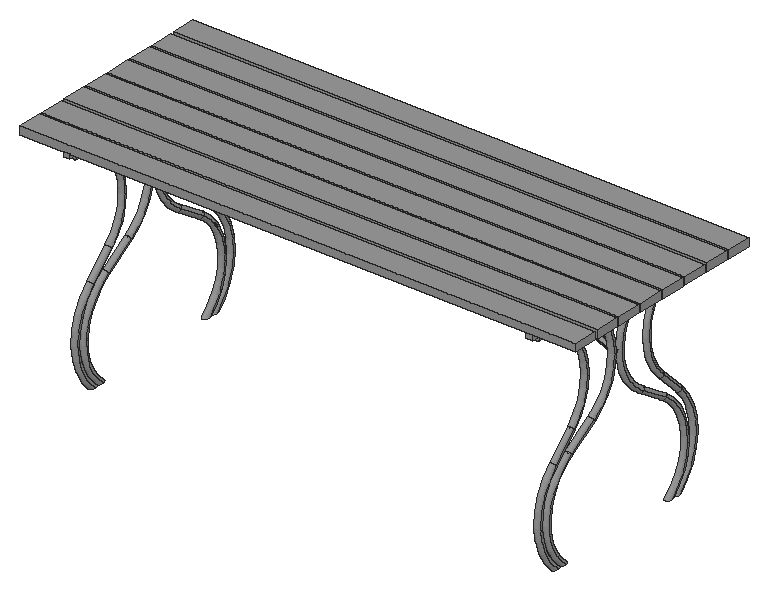
Revit family "10544 Стол садовый «Флоренция» Хоббика", category Антураж, Revit 2018
Family settings
  На основе рабочей плоскости = Нет
  Всегда вертикально = Да
  При загрузке вырезать с полостями = Нет
  Источник визуального образа = Геометрия семейства
  Общий = Нет
  Точка расчета площади = Нет
Parameters (values of type "Версия 1,8 м")
  Ширина = 700 mm  # constant formula
  Цвет столещници = Дерево
  Цвет опоры = Сталь
  Описание = if([Версия 1,5 м], "Стол садовый «Флоренция». Версия 1,5 м", "Стол садовый «Флоренция». Версия 1,8 м")  # "Стол садовый «Флоренция». Версия 1,8 м"
  Материал изделия = "Сталь, дерево"  # constant formula
  Изображение типоразмера = Стол садовый «Флоренция» Арт 10544.jpg
  Изготовитель = "ООО «Хоббика»"  # constant formula
  Длина = if([Версия 1,5 м], 1500 mm, 1800 mm)  # 1800 mm
  Группа модели = "Садовые столы"  # constant formula
  Высота = 750 mm  # constant formula
  Версия 1,8 м = not([Версия 1,5 м])  # yes
  Версия 1,5 м = no
  Артикул товара = "Арт. 10544"  # constant formula
  URL = "https://hobbyka.ru/product/stol_sadovyy_florentsiya"
Types (3, lengths in mm): name | Описание | Длина | Версия 1,8 м | Версия 1,5 м
  (no name) | "Стол садовый «Флоренция». Версия 1,8 м" | 1800 | yes | no
  Версия 1,5 м | "Стол садовый «Флоренция». Версия 1,5 м" | 1500 | no | yes
  Версия 1,8 м | "Стол садовый «Флоренция». Версия 1,8 м" | 1800 | yes | no
Reference planes
  plane 1 "По центру (Вперед/Назад)": y = 0
  plane 2: z = 0
  plane 3 "По центру (Влево/Вправо)": x = 0
  plane 4: y = 700
  plane 5: x = 1800
  plane 6: x = 1650
  plane 7: x = 150
  plane 8: z = 750
Forms (mm)
  Extrusion 1, solid, material "Дерево" <- "Цвет столещници"
    sketch origin (0, 0, 0) x (0, 1, 0) y (0, 0, 1)
      loop
        line (620, 725) -> (700, 725) -> (700, 750) -> (620, 750) -> (620, 725)
      loop
        line (531.429, 725) -> (611.429, 725) -> (611.429, 750) -> (531.429, 750) -> (531.429, 725)
      loop
        line (442.857, 725) -> (522.857, 725) -> (522.857, 750) -> (442.857, 750) -> (442.857, 725)
      loop
        line (354.286, 725) -> (434.286, 725) -> (434.286, 750) -> (354.286, 750) -> (354.286, 725)
      loop
        line (265.714, 725) -> (345.714, 725) -> (345.714, 750) -> (265.714, 750) -> (265.714, 725)
      loop
        line (177.143, 725) -> (257.143, 725) -> (257.143, 750) -> (177.143, 750) -> (177.143, 725)
      loop
        line (88.571, 725) -> (168.571, 725) -> (168.571, 750) -> (88.571, 750) -> (88.571, 725)
      loop
        line (0, 725) -> (80, 725) -> (80, 750) -> (0, 750) -> (0, 725)
    from 0 to 1800
Dimensions and locks
  "Ширина": plane 4 to plane 1 "По центру (Вперед/Назад)"
  "Длина": plane 3 "По центру (Влево/Вправо)" to plane 5
  locked: plane 3 "По центру (Влево/Вправо)" to plane 7 at 150
  locked: plane 6 to plane 5 at 150
  "Высота": plane 8 to plane 2
  aligned and locked: level to plane 2
  aligned and locked: plane 7 to nested 1
  aligned and locked: plane 6 to nested 2
  aligned and locked: nested 2 to plane 1 "По центру (Вперед/Назад)"
  aligned and locked: plane 5 to Extrusion 1
Automatic sketch dimensions
  Extrusion 1 sketch curve to plane 1 "По центру (Вперед/Назад)" = 0 mm
  Extrusion 1 sketch curve to plane 8 = 0 mm  (x8)
  Extrusion 1 sketch curve to plane 4 = 0 mm
  Extrusion 1 sketch curve to Extrusion 1 sketch curve = 80 mm  (x7)
  Extrusion 1 sketch curve to Extrusion 1 sketch curve = 8.571 mm  (x7)
  Extrusion 1 sketch curve to plane 8 = 25 mm  (x4)
  Extrusion 1 sketch curve to Extrusion 1 sketch curve = 25 mm  (x2)
  Extrusion 1 sketch curve to Extrusion 1 sketch curve = 0 mm  (x2)
Nested families
  nested 1: "Стол садовый «Флоренция» Арт 10544 опора" at (150, 0, 0), type "Стол садовый «Флоренция» Арт 10544 опора"
  nested 2: "Стол садовый «Флоренция» Арт 10544 опора" at (1650, 0, 0) x (-1, 0, 0) z (0, 0, 1), type "Стол садовый «Флоренция» Арт 10544 опора"
Definition of nested family "Стол садовый «Флоренция» Арт 10544 опора"
  Parameters (values of type "Стол садовый «Флоренция» Арт 10544 опора")
    Цвет основания = none
    Height = 0 mm
  Reference planes
    plane 1 "По центру (Вперед/Назад)": y = 0
    plane 2: z = 0
    plane 3 "По центру (Влево/Вправо)": x = 0
    plane 4: y = 700
    plane 5: z = 750
  Forms (mm)
    Sweep 1, solid, material <- "Цвет основания"
      path origin (0, 0, 0) x (0, 1, 0) y (0, 0, 1)
        loop
          arc (668.564, 691.716) -> (498.947, 581.749) -> (537.669, 383.347) r 180.544
          line (537.669, 383.347) -> (610.961, 310.055)
          arc (610.961, 310.055) -> (674.366, 136.212) -> (582.166, -24.227) r 219.242
      profile origin (0, 668.564, 691.716) x (0, -0.018974, -0.99982) y (1, 0, 0)
        loop
          circle (-10, 0) r 10
    Sweep 2, solid, material <- "Цвет основания"
      path origin (0, 0, 0) x (0, 1, 0) y (0, 0, 1)
        loop
          arc (550.801, -25.051) -> (640.283, 146.22) -> (547.124, 315.519) r 204.437
          line (547.124, 315.519) -> (454.843, 375.387)
          arc (454.843, 375.387) -> (379.932, 560.676) -> (528.487, 694.374) r 174.165
      profile origin (0, 528.487, 694.374) x (0, -0.121416, 0.992602) y (1, 0, 0)
        loop
          circle (10, 0) r 10
    Sweep 3, solid, material <- "Цвет основания"
      path origin (0, 700, 0) x (0, -1, 0) y (0, 0, 1)
        loop
          arc (668.564, 691.716) -> (498.947, 581.749) -> (537.669, 383.347) r 180.544
          line (537.669, 383.347) -> (610.961, 310.055)
          arc (610.961, 310.055) -> (674.425, 136.909) -> (583.307, -23.419) r 219.242
      profile origin (0, 31.436, 691.716) x (0, -0.018974, 0.99982) y (1, 0, 0)
        loop
          circle (10, 0) r 10
    Sweep 4, solid, material <- "Цвет основания"
      path origin (0, 700, 0) x (0, -1, 0) y (0, 0, 1)
        loop
          arc (553.011, -23.527) -> (640.264, 147.562) -> (547.124, 315.519) r 204.437
          line (547.124, 315.519) -> (454.843, 375.387)
          arc (454.843, 375.387) -> (379.932, 560.676) -> (528.487, 694.374) r 174.165
      profile origin (0, 171.513, 694.374) x (0, -0.121416, -0.992602) y (1, 0, 0)
        loop
          circle (-10, 0) r 10
    Extrusion 5, solid, material <- "Цвет основания"
      sketch origin (0, 0, 0) x (1, 0, 0) y (0, 0, 1)
        loop
          line (-10, 710) -> (10, 710) -> (10, 725) -> (-10, 725) -> (-10, 710)
      from 0 to -700
    Extrusion 6, void
      sketch origin (0, 0, 0) x (0, 1, 0) y (0, 0, 1)
        loop
          line (170.176, 0) -> (85.176, 0) -> (85.176, -30) -> (170.176, -30) -> (170.176, 0)
        loop
          line (529.824, 0) -> (529.824, -30) -> (614.824, -30) -> (614.824, 0) -> (529.824, 0)
      from -11.766 to 13.165
    Extrusion 7, solid, material <- "Цвет основания"
      sketch origin (202.537, 0, 41.11) x (0, 1, 0) y (-0.389891, 0, 0.920861)
        loop
          circle (350, 519.471) r 7.5
      from 0 to 502.69
  Cuts and joins
    Extrusion 6 cuts Sweep 1
    Extrusion 6 cuts Sweep 3
    Extrusion 6 cuts Sweep 2
    Extrusion 6 cuts Sweep 4
    joined: Sweep 2, Sweep 4, Extrusion 7
  Dimensions and locks
    plane 4 to plane 1 "По центру (Вперед/Назад)" = 700 mm
    plane 5 to level = 750 mm
    aligned and locked: level to plane 2
